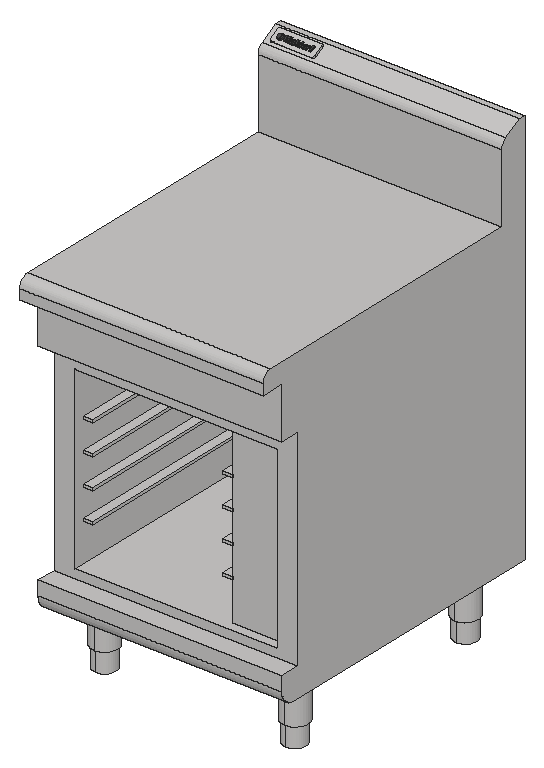
Revit family "QF_MOFFAT WALDORF_BT8600-CB", category Specialty Equipment, Revit 2012
Parameters
  Weight in Pounds = 130.0726  # constant formula
  Width [instance] = 600.00 mm  # constant formula
  URL Cutsheet = "www.moffat.com"
  URL = "www.moffat.com"
  Type Mark [instance] = ""
  Status [instance] = ""
  Specification by User [instance] = ""
  Specification by Manufacturer = ""
  Show Logo [instance] = yes
  Show Casters [instance] = no
  Serial Number = ""
  Seismic Rating = ""
  SMACNA No = ""
  Revision Code [instance] = ""
  Omniclass Number and Title = ""
  NAFEM Spec ID Number = ""
  Model = "BT8600-CB"
  Masterspec = ""
  Manufacturer = "MOFFAT WALDORF"
  Legs [instance] = not(Show Casters)  # yes
  Item Number [instance] = ""
  Installed By [instance] = ""
  Identify Quantity as Lot [instance] = yes
  Height = 1130.00 mm  # constant formula
  Furnished By [instance] = ""
  Foodservice Equipment Identifier [instance] = yes
  Description = "BENCH TOP ON  CABINET BASE"
  Depth [instance] = 805.00 mm  # constant formula
  CSI MasterFormat = ""
  CSI Master Format = ""
  Back Splash [instance] = 215.00 mm  # constant formula
Reference planes
  plane 1 "BACK": y = 0
  plane 2: z = 0
  plane 3 "LEFT": x = 0
  plane 4 "RIGHT": x = 600
  plane 5 "FRONT": y = -805
  plane 6 "TOP": z = 1130
  plane 7 "Center Y": x = 300
  plane 8 "Center X": y = -402.5
  plane 9 "Base Height": z = 150
  plane 10: z = 915
  plane 11: x = 65
  plane 12: x = 534
  plane 13: y = -625
  plane 14: y = -100
Forms (mm)
  Extrusion 1, solid, material "QF_Finishes_Stainless Steel"
    sketch origin (0, 0, 0) x (0, 1, 0) y (0, 0, 1)
      loop
        line (-144, 222.5) -> (-749, 222.5) -> (-749, 188)
        arc (-749, 188) -> (-737.87, 161.13) -> (-711, 150) r 38
        line (-711, 150) -> (0, 150) -> (0, 1130) -> (-16.5, 1130) -> (-58, 1106.04)
        arc (-58, 1106.04) -> (-66.785, 1097.255) -> (-70, 1085.255) r 24
        line (-70, 1085.255) -> (-70, 915) -> (-781, 915)
        arc (-781, 915) -> (-797.971, 907.971) -> (-805, 891) r 24
        line (-805, 891) -> (-805, 866) -> (-749, 866) -> (-749, 740) -> (-144, 740) -> (-144, 222.5)
    from 0 to 600
  Revolve 2, solid, material "QF_Finishes_Stainless Steel", visible <- "Legs"
    sketch origin (65, -165, 0) x (0, 1, 0) y (0, 0, 1)
      loop
        line (33.25, 150) -> (33.25, 50) -> (37.5, 50) -> (37.5, 0) -> (65, 0) -> (65, 150) -> (33.25, 150)
      axis (65, 150) -> (65, 0)
    angle from 0 to 360
  Revolve 3, solid, material "QF_Finishes_Stainless Steel"
    sketch origin (65, -735, 0) x (0, 1, 0) y (0, 0, 1)
      loop
        line (78.25, 150) -> (78.25, 50) -> (82.5, 50) -> (82.5, 0) -> (110, 0) -> (110, 150) -> (78.25, 150)
      axis (110, 150) -> (110, 0)
    angle from 0 to 360
  Revolve 4, solid, material "QF_Finishes_Stainless Steel", visible <- "Legs"
    sketch origin (534, -165, 0) x (0, 1, 0) y (0, 0, -1)
      loop
        line (33.25, -150) -> (65, -150) -> (65, 0) -> (37.5, 0) -> (37.5, -50) -> (33.25, -50) -> (33.25, -150)
      axis (65, -150) -> (65, 0)
    angle from 0 to 360
  Revolve 5, solid, material "QF_Finishes_Stainless Steel"
    sketch origin (534, -735, 0) x (0, 1, 0) y (0, 0, -1)
      loop
        line (78.25, -150) -> (110, -150) -> (110, 0) -> (82.5, 0) -> (82.5, -50) -> (78.25, -50) -> (78.25, -150)
      axis (110, -150) -> (110, 0)
    angle from 0 to 360
  Extrusion 6, solid, material "QF_Finishes_Stainless Steel"
    sketch origin (0, -70, 1085.255) x (0, 0, -1) y (1, 0, 0)
      loop
        line (400.255, 550) -> (400.255, 50) -> (842.755, 50) -> (842.755, 550) -> (400.255, 550)
      loop
        line (345.255, 0) -> (862.755, 0) -> (862.755, 600) -> (345.255, 600) -> (345.255, 0)
    from 0 to 629
  Extrusion 7, solid, material "QF_Finishes_Stainless Steel"
    sketch origin (0, -70, 1085.255) x (0, 0, -1) y (1, 0, 0)
      loop
        line (400.255, 419.5) -> (842.755, 419.5) -> (842.755, 550) -> (400.255, 550) -> (400.255, 419.5)
    from 579 to 604
  Extrusion 8, solid, material "QF_Finishes_Stainless Steel"
    sketch origin (0, -70, 1085.255) x (0, 0, -1) y (1, 0, 0)
      loop
        line (596.505, 419.19) -> (590.155, 419.19) -> (590.155, 394.19) -> (596.505, 394.19) -> (596.505, 419.19)
      loop
        line (671.505, 419.19) -> (665.155, 419.19) -> (665.155, 394.19) -> (671.505, 394.19) -> (671.505, 419.19)
      loop
        line (671.505, 50) -> (671.505, 75) -> (665.155, 75) -> (665.155, 50) -> (671.505, 50)
      loop
        line (590.155, 75) -> (590.155, 50) -> (596.505, 50) -> (596.505, 75) -> (590.155, 75)
      loop
        line (746.505, 419.19) -> (740.155, 419.19) -> (740.155, 394.19) -> (746.505, 394.19) -> (746.505, 419.19)
      loop
        line (746.505, 50) -> (746.505, 75) -> (740.155, 75) -> (740.155, 50) -> (746.505, 50)
      loop
        line (521.505, 419.19) -> (515.155, 419.19) -> (515.155, 394.19) -> (521.505, 394.19) -> (521.505, 419.19)
      loop
        line (515.155, 75) -> (515.155, 50) -> (521.505, 50) -> (521.505, 75) -> (515.155, 75)
    from 74 to 604
  Extrusion 9, void
    sketch origin (0, 0, 223) x (1, 0, 0) y (0, 1, 0)
      loop
        line (524, 0) -> (394, 0) -> (394, -37) -> (444, -87) -> (524, -87) -> (524, 0)
    from 0 to 476
Cuts and joins
  Extrusion 9 cuts Extrusion 1
  Extrusion 9 cuts Extrusion 6
  joined: Extrusion 1, Extrusion 6
  Extrusion 9 cuts Revolve 4
Lines and regions (mm)
  symbolic lines
    curve 1: line (0, 0, 0) -> (0, -805, 0)
    curve 2: line (600, 0, 0) -> (0, 0, 0)
    curve 3: line (600, -805, 0) -> (600, 0, 0)
    curve 4: line (0, -70, 0) -> (600, -70, 0)
    curve 5: line (0, -805, 0) -> (600, -805, 0)
    curve 6: line (12.5, -20.958, 0) -> (121.5, -20.958, 0)
    curve 7: line (12.5, -51.234, 0) -> (12.5, -20.958, 0)
    curve 8: line (121.5, -20.958, 0) -> (121.5, -51.234, 0)
    curve 9: line (12.5, -51.234, 0) -> (121.5, -51.234, 0)
Dimensions and locks
  equal spacing: plane 3 "LEFT", plane 7 "Center Y", plane 4 "RIGHT"
  "Width": plane 3 "LEFT" to plane 4 "RIGHT"
  equal spacing: plane 5 "FRONT", plane 8 "Center X", plane 1 "BACK"
  "Depth": plane 5 "FRONT" to plane 1 "BACK"
  locked: plane 10 to level at 915
  locked: plane 9 "Base Height" to level at 150
  plane 6 "TOP" to nested 1 to nested 1 to plane 10 = 1.099 mm locked, 17.226 mm locked, 196.675 mm
  plane 13 to plane 14 = 525.00 mm
  plane 12 to plane 11 = 469.00 mm
  "Height": plane 6 "TOP" to level
  aligned and locked: level to plane 2
Automatic sketch dimensions
  Revolve 2 sketch curve to plane 9 "Base Height" = 0.00 mm
  Revolve 2 sketch curve to level = 0.00 mm
  level to Revolve 2 sketch curve = 50.00 mm
  plane 1 "BACK" to Revolve 2 sketch curve = 131.75 mm
  Revolve 2 sketch curve to Revolve 2 sketch curve = 4.25 mm
  Revolve 2 sketch curve to Revolve 2 sketch curve = 27.50 mm  (x2)
  Revolve 2 sketch curve to level = 55.00 mm
  Revolve 2 sketch curve to Revolve 2 sketch curve = 0.00 mm
  Revolve 3 sketch curve to plane 9 "Base Height" = 0.00 mm
  Revolve 3 sketch curve to level = 0.00 mm
  level to Revolve 3 sketch curve = 50.00 mm
  Revolve 3 sketch curve to plane 5 "FRONT" = 148.25 mm
  Revolve 3 sketch curve to Revolve 3 sketch curve = 4.25 mm
  Revolve 3 sketch curve to Revolve 3 sketch curve = 27.50 mm  (x2)
  Revolve 3 sketch curve to level = 55.00 mm
  Revolve 3 sketch curve to Revolve 3 sketch curve = 0.00 mm
  Revolve 4 sketch curve to plane 9 "Base Height" = 0.00 mm
  Revolve 4 sketch curve to level = 0.00 mm
  level to Revolve 4 sketch curve = 50.00 mm
  plane 1 "BACK" to Revolve 4 sketch curve = 131.75 mm
  Revolve 4 sketch curve to Revolve 4 sketch curve = 4.25 mm
  Revolve 4 sketch curve to Revolve 4 sketch curve = 27.50 mm  (x2)
  Revolve 4 sketch curve to Revolve 4 sketch curve = 0.00 mm
  Revolve 4 sketch curve to Revolve 4 sketch curve = 55.00 mm
  Revolve 5 sketch curve to plane 9 "Base Height" = 0.00 mm
  Revolve 5 sketch curve to level = 0.00 mm
  level to Revolve 5 sketch curve = 50.00 mm
  Revolve 5 sketch curve to plane 5 "FRONT" = 148.25 mm
  Revolve 5 sketch curve to Revolve 5 sketch curve = 4.25 mm
  Revolve 5 sketch curve to Revolve 5 sketch curve = 27.50 mm  (x2)
  Revolve 5 sketch curve to Revolve 5 sketch curve = 0.00 mm
  Revolve 5 sketch curve to Revolve 5 sketch curve = 55.00 mm
  Extrusion 1 sketch curve to plane 5 "FRONT" = 0.00 mm
  Extrusion 1 sketch curve to plane 10 = 0.00 mm
  Extrusion 1 sketch curve to plane 9 "Base Height" = 0.00 mm
  Extrusion 1 sketch curve to plane 6 "TOP" = 0.00 mm
  Extrusion 1 sketch curve to plane 1 "BACK" = 0.00 mm
  Extrusion 1 sketch curve to plane 5 "FRONT" = 24.00 mm
  Extrusion 1 sketch curve to plane 5 "FRONT" = 56.00 mm
  Extrusion 1 sketch curve to Extrusion 1 sketch curve = 32.00 mm
  Extrusion 1 sketch curve to Extrusion 1 sketch curve = 38.00 mm
  Extrusion 1 sketch curve to Extrusion 1 sketch curve = 12.00 mm  (x2)
  Extrusion 1 sketch curve to Extrusion 1 sketch curve = 16.50 mm
  Extrusion 1 sketch curve to Extrusion 1 sketch curve = 34.50 mm
  Extrusion 1 sketch curve to Extrusion 1 sketch curve = 151.00 mm
  Extrusion 1 sketch curve to Extrusion 1 sketch curve = 25.00 mm
  Extrusion 1 sketch curve to plane 6 "TOP" = 44.745 mm
  plane 14 to Extrusion 1 sketch curve = 30.00 mm
  Extrusion 7 sketch curve to Extrusion 7 sketch curve = 130.50 mm
  Extrusion 8 sketch curve to Extrusion 8 sketch curve = 6.35 mm  (x8)
  Extrusion 8 sketch curve to Extrusion 8 sketch curve = 68.65 mm  (x6)
  Extrusion 8 sketch curve to Extrusion 8 sketch curve = 25.00 mm  (x8)
  Extrusion 8 sketch curve to Extrusion 8 sketch curve = 0.00 mm  (x4)
  plane 1 "BACK" to curve 1 = 0.00 mm
  curve 1 to plane 3 "LEFT" = 0.00 mm
  curve 3 to plane 4 "RIGHT" = 0.00 mm
  plane 5 "FRONT" to curve 5 = 0.00 mm
  plane 3 "LEFT" to curve 6 = 12.50 mm
  plane 11 to curve 9 = 56.50 mm
  plane 14 to curve 4 = 30.00 mm
  curve 4 to curve 7 = 18.766 mm
  plane 1 "BACK" to curve 6 = 20.958 mm
  Extrusion 9 sketch curve to plane 1 "BACK" = 0.00 mm
  plane 14 to Extrusion 9 sketch curve = 13.00 mm
  plane 1 "BACK" to Extrusion 9 sketch curve = 37.00 mm
  plane 7 "Center Y" to Extrusion 9 sketch curve = 94.00 mm
  plane 12 to Extrusion 9 sketch curve = 10.00 mm
  Extrusion 9 sketch curve to Extrusion 9 sketch curve = 50.00 mm
  Extrusion 1 sketch curve to plane 14 = 44.00 mm
  Extrusion 6 sketch curve to plane 3 "LEFT" = 0.00 mm
  plane 4 "RIGHT" to Extrusion 6 sketch curve = 0.00 mm
  Extrusion 6 sketch curve to plane 10 = 175.00 mm
  Extrusion 6 sketch curve to plane 12 = 16.00 mm
  Extrusion 6 sketch curve to Extrusion 6 sketch curve = 55.00 mm
  plane 9 "Base Height" to Extrusion 6 sketch curve = 92.50 mm
  Extrusion 6 sketch curve to Extrusion 6 sketch curve = 20.00 mm
  Extrusion 6 sketch curve to plane 11 = 15.00 mm
  Extrusion 7 sketch curve to plane 12 = 16.00 mm
  Extrusion 7 sketch curve to plane 10 = 230.00 mm
  plane 9 "Base Height" to Extrusion 7 sketch curve = 92.50 mm
  Extrusion 8 sketch curve to plane 11 = 15.00 mm  (x4)
  Extrusion 8 sketch curve to plane 10 = 344.90 mm
  plane 12 to Extrusion 8 sketch curve = 114.81 mm
Nested families
  nested 1: "WALDORF-LOGO" at (12.5, -35.273, 1102.604), visible <- "Show Logo", type "WALDORF-LOGO", detail levels medium+fine
    with Type Mark "", Status "", Specification by User "", Revision Code "", Item Number "", Installed By "", Identify Quantity as Lot yes, Furnished By "", Foodservice Equipment Identifier yes
  nested 2: "BT8600-CB-CASTERS" at (65, -100, 0), Show Casters <- "Show Casters", visible <- "Show Casters", type "BT8600-CB-CASTERS"
    with Type Mark "", Status "", Specification by User "", Show Casters no, Revision Code "", Item Number "", Installed By "", Identify Quantity as Lot yes, Furnished By "", Foodservice Equipment Identifier yes
  nested 3: "BT8600-CB-CASTERS" at (535, -100, 0), Show Casters <- "Show Casters", visible <- "Show Casters", type "BT8600-CB-CASTERS"
    with Type Mark "", Status "", Specification by User "", Show Casters no, Revision Code "", Item Number "", Installed By "", Identify Quantity as Lot yes, Furnished By "", Foodservice Equipment Identifier yes
Definition of nested family "WALDORF-LOGO"
  Parameters (values of type "BT8300-CB-LOGO")
    Weight in Pounds = 0
    URL Cutsheet = ""
    Type Mark [instance] = ""
    Status [instance] = ""
    Specification by User [instance] = ""
    Specification by Manufacturer = ""
    Show Logo [instance] = yes
    Serial Number = ""
    Seismic Rating = ""
    SMACNA No = ""
    Revision Code [instance] = ""
    Omniclass Number and Title = ""
    NAFEM Spec ID Number = ""
    Masterspec = ""
    Item Number [instance] = ""
    Installed By [instance] = ""
    Identify Quantity as Lot [instance] = yes
    Furnished By [instance] = ""
    Foodservice Equipment Identifier [instance] = yes
    CSI MasterFormat = ""
    CSI Master Format = ""
  Reference planes
    plane 1 "BACK": y = 0
    plane 2: z = 0
    plane 3 "LEFT": x = 0
    plane 4 "RIGHT": x = 109
    plane 5 "FRONT": y = -1.588
    plane 6 "TOP": z = 34.14
    plane 7 "Center Y": x = 54.5
    plane 8 "Center X": y = -0.794
  Forms (mm)
    Extrusion 1, solid, material "QF_Finishes_Stainless Steel", visible <- "Show Logo"
      sketch origin (0, -15.16, 7.701) x (1, 0, 0) y (0, 0.863373, 0.504566)
        loop
          arc (5, 34.14) -> (1.464, 32.676) -> (0, 29.14) r 5
          line (0, 29.14) -> (0, 5)
          arc (0, 5) -> (1.464, 1.464) -> (5, 0) r 5
          line (5, 0) -> (104, 0)
          arc (104, 0) -> (107.536, 1.464) -> (109, 5) r 5
          line (109, 5) -> (109, 29.14)
          arc (109, 29.14) -> (107.536, 32.676) -> (104, 34.14) r 5
          line (104, 34.14) -> (5, 34.14)
      from 0 to 1.588
    Extrusion 2, solid, material "QF_Finishes_Black", visible <- "Show Logo"
      sketch origin (0, -15.961, 9.072) x (1, 0, 0) y (0, 0.863373, 0.504566)
        loop
          line (24.772, 23.214) -> (27.992, 10.301) -> (31.551, 10.301) -> (33.443, 17.364) -> (35.205, 10.301) -> (39.332, 10.301) -> (42.077, 23.214) -> (38.352, 23.214) -> (36.676, 15.33) -> (35, 23.214) -> (31.752, 23.214) -> (30.076, 15.33) -> (28.4, 23.214) -> (24.772, 23.214)
        loop
          line (42.272, 17.055) -> (45.703, 17.055)
          spline (45.703, 17.055) -> (45.741, 17.285) -> (45.852, 17.499) -> (46.028, 17.682) -> (46.258, 17.823) -> (46.526, 17.912) -> (46.813, 17.942) -> (47.1, 17.912) -> (47.368, 17.823) -> (47.597, 17.682) -> (47.774, 17.499) -> (47.884, 17.285) -> (47.922, 17.055)
          line (47.922, 17.055) -> (47.922, 16.222)
          arc (47.922, 16.222) -> (45.742, 16.014) -> (43.665, 15.317) r 9.604
          arc (43.665, 15.317) -> (41.924, 12.809) -> (43.665, 10.301) r 2.677
          arc (43.665, 10.301) -> (45.527, 10.353) -> (47.332, 10.816) r 8.365
          line (47.332, 10.816) -> (48.092, 11.105) -> (48.092, 10.301) -> (51.817, 10.301) -> (51.817, 17.055)
          spline (51.817, 17.055) -> (51.654, 17.821) -> (51.178, 18.535) -> (50.419, 19.148) -> (49.431, 19.619) -> (48.28, 19.914) -> (47.044, 20.015) -> (45.809, 19.914) -> (44.658, 19.619) -> (43.67, 19.148) -> (42.911, 18.535) -> (42.434, 17.821) -> (42.272, 17.055)
        loop
          line (53.151, 23.214) -> (53.151, 10.301) -> (57.37, 10.301) -> (57.37, 23.214) -> (53.151, 23.214)
        loop
          line (64.874, 23.214) -> (64.874, 18.857)
          arc (64.874, 18.857) -> (58.083, 15.11) -> (64.874, 11.363) r 4.429
          line (64.874, 11.363) -> (64.874, 10.301) -> (68.378, 10.301) -> (68.378, 23.214) -> (64.874, 23.214)
        loop
          arc (64.874, 16.083) -> (61.41, 14.987) -> (64.874, 13.891) r 1.905
          line (64.874, 13.891) -> (64.874, 16.083)
        loop
          circle (74.623, 15.223) r 5
        loop
          spline (74.623, 17.856) -> (74.355, 17.766) -> (74.105, 17.503) -> (73.891, 17.084) -> (73.726, 16.539) -> (73.623, 15.904) -> (73.588, 15.223) -> (73.623, 14.541) -> (73.726, 13.906) -> (73.891, 13.361) -> (74.105, 12.942) -> (74.355, 12.679) -> (74.623, 12.59)
          spline (74.623, 12.59) -> (74.891, 12.679) -> (75.141, 12.942) -> (75.355, 13.361) -> (75.52, 13.906) -> (75.623, 14.541) -> (75.659, 15.223) -> (75.623, 15.904) -> (75.52, 16.539) -> (75.355, 17.084) -> (75.141, 17.503) -> (74.891, 17.766) -> (74.623, 17.856)
        loop
          line (81.255, 19.813) -> (81.255, 10.301) -> (84.834, 10.301) -> (84.834, 14.176)
          arc (84.834, 14.176) -> (85.854, 16.093) -> (88.013, 16.32) r 2.313
          line (88.013, 16.32) -> (88.013, 19.813) -> (87.161, 19.813)
          arc (87.161, 19.813) -> (85.526, 19.266) -> (84.549, 17.844) r 2.717
          line (84.549, 17.844) -> (84.549, 19.813) -> (81.255, 19.813)
        loop
          line (90.249, 19.813) -> (88.91, 19.813) -> (88.91, 17.614) -> (90.249, 17.614) -> (90.249, 10.301) -> (93.998, 10.301) -> (93.998, 17.614) -> (95.418, 17.614) -> (95.418, 19.813) -> (93.998, 19.813)
          arc (93.998, 19.813) -> (94.414, 20.817) -> (95.418, 21.233) r 1.42
          line (95.418, 21.233) -> (95.418, 23.602) -> (93.317, 23.602)
          arc (93.317, 23.602) -> (91.343, 22.903) -> (90.249, 21.118) r 3.137
          line (90.249, 21.118) -> (90.249, 19.813)
        loop
          arc (15.241, 23.571) -> (8.392, 16.525) -> (15.241, 9.479) r 7.049
          line (15.241, 9.479) -> (15.241, 23.571)
        loop
          line (15.641, 23.571) -> (15.641, 9.479)
          arc (15.641, 9.479) -> (22.49, 16.525) -> (15.641, 23.571) r 7.049
        loop
          arc (47.922, 14.711) -> (46.266, 13.749) -> (47.922, 12.787) r 1.107
          line (47.922, 12.787) -> (47.922, 14.711)
      from 0 to 0.2
  Dimensions and locks
    equal spacing: plane 3 "LEFT", plane 7 "Center Y", plane 4 "RIGHT"
    plane 3 "LEFT" to plane 4 "RIGHT" = 109.00 mm
    equal spacing: plane 5 "FRONT", plane 8 "Center X", plane 1 "BACK"
    plane 5 "FRONT" to plane 1 "BACK" = 1.588 mm
    aligned and locked: level to plane 2
  Automatic sketch dimensions
    Extrusion 1 sketch curve to plane 3 "LEFT" = 0.00 mm
    Extrusion 1 sketch curve to plane 4 "RIGHT" = 0.00 mm
    plane 3 "LEFT" to Extrusion 1 sketch curve = 5.00 mm  (x2)
    plane 4 "RIGHT" to Extrusion 1 sketch curve = 5.00 mm  (x2)
    Extrusion 1 sketch curve to Extrusion 1 sketch curve = 24.14 mm
    Extrusion 2 sketch curve to Extrusion 2 sketch curve = 0.00 mm  (x14)
    Extrusion 2 sketch curve to Extrusion 1 = 15.241 mm
    Extrusion 2 sketch curve to Extrusion 2 sketch curve = 0.20 mm
    Extrusion 2 sketch curve to Extrusion 2 sketch curve = 0.40 mm
    Extrusion 2 sketch curve to Extrusion 2 sketch curve = 9.131 mm
    Extrusion 2 sketch curve to Extrusion 1 = 10.301 mm  (x2)
    Extrusion 2 sketch curve to Extrusion 2 sketch curve = 12.351 mm
    Extrusion 2 sketch curve to Extrusion 2 sketch curve = 3.628 mm
    Extrusion 2 sketch curve to Extrusion 2 sketch curve = 2.084 mm
    Extrusion 2 sketch curve to Extrusion 2 sketch curve = 3.559 mm
    Extrusion 2 sketch curve to Extrusion 1 = 10.926 mm  (x2)
    Extrusion 2 sketch curve to Extrusion 2 sketch curve = 3.352 mm  (x2)
    Extrusion 2 sketch curve to Extrusion 2 sketch curve = 3.367 mm
    Extrusion 2 sketch curve to Extrusion 2 sketch curve = 3.249 mm
    Extrusion 2 sketch curve to Extrusion 2 sketch curve = 3.654 mm
    Extrusion 2 sketch curve to Extrusion 1 = 15.33 mm
    Extrusion 2 sketch curve to Extrusion 2 sketch curve = 3.233 mm
    Extrusion 2 sketch curve to Extrusion 2 sketch curve = 4.128 mm
    Extrusion 2 sketch curve to Extrusion 2 sketch curve = 3.725 mm
    Extrusion 2 sketch curve to Extrusion 2 sketch curve = 5.596 mm
    Extrusion 2 sketch curve to Extrusion 2 sketch curve = 4.333 mm
    Extrusion 2 sketch curve to Extrusion 2 sketch curve = 1.394 mm
    Extrusion 2 sketch curve to Extrusion 2 sketch curve = 2.092 mm
    Extrusion 2 sketch curve to Extrusion 2 sketch curve = 0.936 mm
    Extrusion 2 sketch curve to Extrusion 2 sketch curve = 1.34 mm
    Extrusion 2 sketch curve to Extrusion 2 sketch curve = 1.109 mm
    Extrusion 2 sketch curve to Extrusion 2 sketch curve = 0.232 mm
    Extrusion 2 sketch curve to Extrusion 2 sketch curve = 2.731 mm
    Extrusion 2 sketch curve to Extrusion 2 sketch curve = 0.549 mm  (x2)
    Extrusion 2 sketch curve to Extrusion 2 sketch curve = 0.407 mm
    Extrusion 2 sketch curve to Extrusion 2 sketch curve = 0.76 mm
    Extrusion 2 sketch curve to Extrusion 2 sketch curve = 1.334 mm
    Extrusion 2 sketch curve to Extrusion 2 sketch curve = 4.219 mm
    Extrusion 2 sketch curve to Extrusion 2 sketch curve = 5.142 mm
    Extrusion 2 sketch curve to Extrusion 2 sketch curve = 0.803 mm
    Extrusion 2 sketch curve to Extrusion 2 sketch curve = 1.558 mm
    Extrusion 2 sketch curve to Extrusion 2 sketch curve = 3.504 mm
    Extrusion 2 sketch curve to Extrusion 2 sketch curve = 6.245 mm
    Extrusion 2 sketch curve to Extrusion 2 sketch curve = 6.632 mm
    Extrusion 2 sketch curve to Extrusion 2 sketch curve = 3.294 mm
    Extrusion 2 sketch curve to Extrusion 2 sketch curve = 3.579 mm
    Extrusion 2 sketch curve to Extrusion 2 sketch curve = 2.313 mm
    Extrusion 2 sketch curve to Extrusion 2 sketch curve = 2.612 mm
    Extrusion 2 sketch curve to Extrusion 2 sketch curve = 0.852 mm
    Extrusion 2 sketch curve to Extrusion 2 sketch curve = 0.897 mm
    Extrusion 2 sketch curve to Extrusion 2 sketch curve = 3.102 mm
    Extrusion 2 sketch curve to Extrusion 2 sketch curve = 1.338 mm
    Extrusion 2 sketch curve to Extrusion 2 sketch curve = 3.068 mm
    Extrusion 2 sketch curve to Extrusion 2 sketch curve = 0.681 mm
    Extrusion 2 sketch curve to Extrusion 2 sketch curve = 3.749 mm
    Extrusion 2 sketch curve to Extrusion 2 sketch curve = 1.42 mm
    Extrusion 2 sketch curve to Extrusion 2 sketch curve = 5.029 mm  (x2)
    Extrusion 2 sketch curve to Extrusion 1 = 9.479 mm
    Extrusion 2 sketch curve to Extrusion 2 sketch curve = 3.681 mm
    Extrusion 2 sketch curve to Extrusion 2 sketch curve = 0.515 mm
    Extrusion 2 sketch curve to Extrusion 2 sketch curve = 0.804 mm
    Extrusion 2 sketch curve to Extrusion 2 sketch curve = 1.062 mm
    Extrusion 2 sketch curve to Extrusion 2 sketch curve = 1.682 mm
    Extrusion 2 sketch curve to Extrusion 2 sketch curve = 2.508 mm
    Extrusion 2 sketch curve to Extrusion 2 sketch curve = 0.962 mm
    Extrusion 2 sketch curve to Extrusion 2 sketch curve = 2.528 mm
    Extrusion 2 sketch curve to Extrusion 2 sketch curve = 3.875 mm
    Extrusion 2 sketch curve to Extrusion 2 sketch curve = 1.096 mm
    Extrusion 2 sketch curve to Extrusion 2 sketch curve = 0.123 mm
    Extrusion 2 sketch curve to Extrusion 2 sketch curve = 4.922 mm
    Extrusion 2 sketch curve to Extrusion 2 sketch curve = 7.046 mm
    Extrusion 2 sketch curve to Extrusion 2 sketch curve = 0.833 mm
    Extrusion 2 sketch curve to Extrusion 2 sketch curve = 0.776 mm
    Extrusion 2 sketch curve to Extrusion 2 sketch curve = 2.034 mm
    Extrusion 2 sketch curve to Extrusion 2 sketch curve = 7.314 mm
    Extrusion 2 sketch curve to Extrusion 2 sketch curve = 1.295 mm
    Extrusion 2 sketch curve to Extrusion 2 sketch curve = 0.749 mm
    Extrusion 2 sketch curve to Extrusion 2 sketch curve = 2.633 mm
    Extrusion 2 sketch curve to Extrusion 2 sketch curve = 2.198 mm  (x2)
    Extrusion 2 sketch curve to Extrusion 2 sketch curve = 1.968 mm
    Extrusion 2 sketch curve to Extrusion 2 sketch curve = 0.653 mm
    Extrusion 2 sketch curve to Extrusion 2 sketch curve = 1.305 mm
    Extrusion 2 sketch curve to Extrusion 2 sketch curve = 4.357 mm
    Extrusion 2 sketch curve to Extrusion 2 sketch curve = 6.159 mm
    radius of Extrusion 2 sketch curve = 5.00 mm
Definition of nested family "BT8600-CB-CASTERS"
  Parameters (values of type "BT8600-CB-CASTERS")
    Weight = ""
    URL Manufacturer = ""
    URL Cutsheet = ""
    URL = ""
    Type Mark [instance] = ""
    Status [instance] = ""
    Specification by User [instance] = ""
    Specification by Manufacturer = ""
    Show Casters [instance] = no
    Serial Number = ""
    Seismic Rating = ""
    SMACNA No = ""
    Revision Code [instance] = ""
    Omniclass Number and Title = ""
    NAFEM Spec ID Number = ""
    Model = ""
    MasterSpec. = ""
    Manufacturer = ""
    Item Number [instance] = ""
    Installed By [instance] = ""
    Identify Quantity as Lot [instance] = yes
    Furnished By [instance] = ""
    Foodservice Equipment Identifier [instance] = yes
    Description = ""
    CSI MasterFormat = ""
    CSI Master Format = ""
    Assembly Code = ""
  Reference planes
    plane 1: z = 0
    plane 2 "RIGHT": x = 0
    plane 3 "FRONT": y = 0
    plane 4 "TOP": z = 177.8
  Forms (mm)
    Revolve 1, solid, material "QF_Finishes_Stainless Steel", visible <- "Show Casters"
      sketch origin (0, 56.335, 0) x (0, 1, 0) y (0, 0, 1)
        loop
          line (-56.335, 152.4) -> (-56.335, 141.118) -> (-23.798, 141.118) -> (-23.798, 152.4) -> (-56.335, 152.4)
        axis (-56.335, 141.118) -> (-56.335, 152.4)
      angle from 0 to 360
    Extrusion 2, solid, material "QF_Finishes_Stainless Steel", visible <- "Show Casters"
      sketch origin (-46.049, 56.335, 0) x (0, 1, 0) y (0, 0, 1)
        loop
          line (-85.799, 141.118) -> (-85.799, 133.498) -> (-82.136, 133.498)
          arc (-82.136, 133.498) -> (-79.344, 132.328) -> (-77.146, 130.248) r 8.432
          line (-77.146, 130.248) -> (-39.502, 49.52)
          arc (-39.502, 49.52) -> (-13.784, 46.107) -> (-5.673, 70.75) r 20.32
          arc (-5.673, 70.75) -> (-7.065, 73.611) -> (-8.887, 76.22) r 20.32
          arc (-8.887, 76.22) -> (-9.399, 85.377) -> (-6.626, 94.119) r 25.4
          line (-6.626, 94.119) -> (8.003, 121.632)
          arc (8.003, 121.632) -> (-2.347, 126.31) -> (-13.34, 129.167) r 66.802
          line (-13.34, 129.167) -> (-13.765, 133.498) -> (-26.871, 133.498) -> (-26.871, 141.118) -> (-85.799, 141.118)
      from 20.058 to 22.923
    Extrusion 3, solid, material "QF_Finishes_Stainless Steel", visible <- "Show Casters"
      sketch origin (3.326, 56.335, 0) x (0, 1, 0) y (0, 0, 1)
        loop
          line (-85.799, 141.118) -> (-85.799, 133.498) -> (-82.136, 133.498)
          arc (-82.136, 133.498) -> (-79.344, 132.328) -> (-77.146, 130.248) r 8.432
          line (-77.146, 130.248) -> (-39.502, 49.52)
          arc (-39.502, 49.52) -> (-13.784, 46.107) -> (-5.673, 70.75) r 20.32
          arc (-5.673, 70.75) -> (-7.065, 73.611) -> (-8.887, 76.22) r 20.32
          arc (-8.887, 76.22) -> (-9.399, 85.377) -> (-6.626, 94.119) r 25.4
          line (-6.626, 94.119) -> (8.003, 121.632)
          arc (8.003, 121.632) -> (-2.347, 126.31) -> (-13.34, 129.167) r 66.802
          line (-13.34, 129.167) -> (-13.765, 133.498) -> (-26.871, 133.498) -> (-26.871, 141.118) -> (-85.799, 141.118)
      from 20.058 to 22.923
    Extrusion 4, solid, material "QF_Finishes_Stainless Steel", visible <- "Show Casters"
      sketch origin (-49.224, 56.335, 0) x (0, 1, 0) y (0, 0, 1)
        loop
          line (-85.799, 141.118) -> (-85.799, 133.498) -> (-82.136, 133.498) -> (-18.877, 127.964) -> (7.14, 120.01) -> (8.003, 121.632)
          arc (8.003, 121.632) -> (-2.347, 126.31) -> (-13.34, 129.167) r 66.802
          line (-13.34, 129.167) -> (-13.765, 133.498) -> (-26.871, 133.498) -> (-26.871, 141.118) -> (-85.799, 141.118)
      from 26.098 to 72.56
    Revolve 5, solid, material "QF_Finishes_Stainless Steel", visible <- "Show Casters"
      sketch origin (-49.224, 30.821, 0) x (1, 0, 0) y (0, 0, 1)
        loop
          line (14.841, 63.604) -> (83.584, 63.604) -> (83.584, 67.109) -> (82.314, 68.379) -> (80.79, 68.379) -> (80.79, 71.826) -> (68.644, 71.826) -> (68.644, 81.79) -> (65.088, 83.843) -> (61.683, 104.879) -> (65.881, 104.879) -> (65.881, 111.229) -> (65.088, 111.229) -> (65.088, 117.579)
          arc (65.088, 117.579) -> (62.298, 124.314) -> (55.563, 127.104) r 9.525
          line (55.563, 127.104) -> (42.863, 127.104)
          arc (42.863, 127.104) -> (36.127, 124.314) -> (33.338, 117.579) r 9.525
          line (33.338, 117.579) -> (33.338, 111.229) -> (32.544, 111.229) -> (32.544, 104.879) -> (36.742, 104.879) -> (33.352, 83.932) -> (29.782, 81.871) -> (29.782, 71.826) -> (17.635, 71.826) -> (17.635, 68.379) -> (16.111, 68.379) -> (14.841, 67.109) -> (14.841, 63.604)
        axis (14.841, 63.604) -> (83.584, 63.604)
      angle from 0 to 360
  Cuts and joins
    joined: Extrusion 2, Extrusion 3, Extrusion 4
  Lines and regions (mm)
    symbolic lines, style "SpecialityEquipmentHiddenLines", visible <- "Show Casters"
      curve 1: line (18.009, 67.053, 0) -> (45.595, 51.127, 0)
      curve 2: line (-45.491, -42.932, 0) -> (18.009, 67.053, 0)
      curve 3: line (-17.905, -58.859, 0) -> (-45.491, -42.932, 0)
      curve 4: line (45.595, 51.127, 0) -> (-17.905, -58.859, 0)
  Dimensions and locks
    plane 4 "TOP" to level = 177.80 mm  (x2)
    Revolve 5 sketch curve to Revolve 5 sketch curve = 63.50 mm
    aligned and locked: level to plane 1
